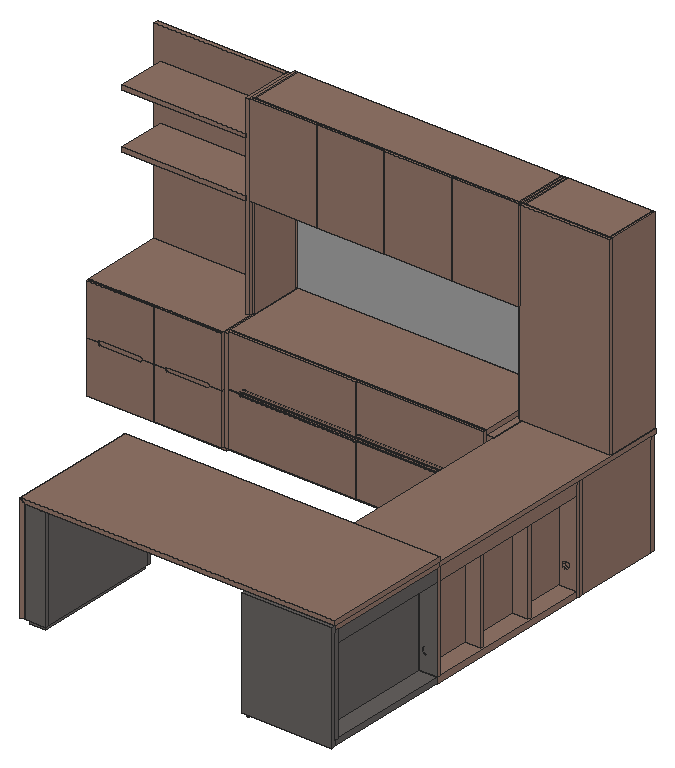
Revit family "T100046", category Furniture, Revit 2022
Family settings
  OmniClass Number = 23.40.20.00
  OmniClass Title = General Furniture and Specialties
  Work Plane-Based = No
  Always vertical = Yes
  Cut with Voids When Loaded = No
  Render Appearance Source = Family Geometry
  Shared = No
  Room Calculation Point = No
Parameters (values of type "T100240")
  URL = "https://ofs.com/"
  Model = "T100240"
  Manufacturer = "OFS"
  Description = "OFS TYPICAL T100240"
  Default Elevation = 0' - 0"
  Copyright © = "©OFS 2021"
  Catalog = "https://ofs.com/2020-experience"
  Authoring Version = "Autodesk Revit Architecture 2015"
  Assembly Code = "E2020400"
Reference planes (in)
  plane 1 "Center Front/Back": y = 0
  plane 2: z = 0
  plane 3 "Center Left/Right": x = 0
Dimensions and locks (in)
  aligned and locked: level to plane 2
Nested families (in)
  nested 1: "OFS SLATE MODULAR PEDESTAL" at (-72.01036, 51.31542, 0), type "Modular Pedestal Top Pull"
    with Top OFS SLATE Dark Wood, Panel OFS SLATE Dark Wood, Mount Panel OFS SLATE Dark Wood, Glides OFS SLATE Black Plastic, Drawers OFS SLATE Dark Wood, Base OFS SLATE Dark Wood
  nested 2: "OFS SLATE MODULAR PEDESTAL" at (-54.01036, 51.31542, 0), type "Modular Pedestal Top Pull"
    with Top OFS SLATE Dark Wood, Panel OFS SLATE Dark Wood, Mount Panel OFS SLATE Dark Wood, Glides OFS SLATE Black Plastic, Drawers OFS SLATE Dark Wood, Base OFS SLATE Dark Wood
  nested 3: "OFS SLATE OPEN SHELF ORGANIZER" at (-36.07286, 50.31542, 0.075), type "Open Shelf Organizer2 Shelves - Left 1.5 High - 36W x 52H"
    with Shelf OFS SLATE Dark Wood, Panel OFS SLATE Dark Wood, Elevation 2' - 5 1/4"
  nested 4: "OFS SLATE MODULAR ACCESS KNEESPACE SUPPORT CORNER CABINES Left" at (64.75803, 25.72984, 0) x (0, -1, 0) z (0, 0, 1), type "MODULAR ACCESS KNEESPACE SUPPORT CORNER CABINET 72W Left"
    with Trash yes, Tech no, Surface OFS SLATE Dark Wood
  nested 5: "OFS SLATE TACKBOARDS" at (-36.122, 51.00816, 0), type "Tackboard 72W x 25D"
    with Elevation 2' - 6 1/2", Board OFS SLATE White Fabric
  nested 6: "OFS SLATE CREDENZAS" at (-36.01036, 52.00292, 0), type "72"W Overlay Lateral File"
    with Top OFS Dark Wood, Panel OFS Dark Wood, Glides OFS Black Plastic, Drawers OFS Dark Wood, Case OFS Dark Wood, Base OFS Dark Wood
  nested 7: "OFS SLATE OVERLAY WORK TABLE HEIGHT ADJUSTABLE" at (60, -56.83374, 0) x (-1, 0, 0) z (0, 0, 1), type "OVERLAY WORK TABLE HEIGHT ADJUSTABLE 84W x 36D Right"
    with Worksurface OFS BRANDS Dark Wood, Panel OFS BRANDS Black Wood, Feet OFS BRANDS White Glide
  nested 8: "OFS_Slate Private Office_Worksurface_Storage_Cabinet" at (60.00803, 51.00816, 0.45), type "51.5H - Single Door Right - 24"W x 15"D"
    with Width 2' - 0", Right yes, Left no, Height 4' - 4", Doors no
  nested 9: "OFS_Slate Private Office_Storage_Modular_Cabinet" at (36.00732, -20.83266, 0) x (0, 1, 0) z (0, 0, 1), type "72W x 24D - L"
    with Width 6' - 0"
  nested 10: "OFS_Slate Private Office_Storage_Modular_Cabinet" at (-72.07286, 51.44042, 0), type "36W x 24D - L"
    with Top Cabinet OFS BRANDS Dark Wood, Width 3' - 0"
  nested 11: "OFS_Slate Private Office_HighBack_Organizer" at (-36.01036, 50.81542, 0.45), type "72"W x 52"H - 1.5 High"
    with Top OFS BRANDS Dark Wood, Show Doors yes, Panel OFS BRANDS Dark Wood, Elevation 2' - 5 1/4", Doors OFS BRANDS Dark Wood, Center Doors no, Base Panel OFS BRANDS Dark Wood, Base OFS BRANDS Dark Wood, Back OFS BRANDS Dark Wood, Width 6' - 0", Length 2 3' - 0", High 1.5, Height 1 2' - 1", Height 4' - 4"
Definition of nested family "OFS SLATE MODULAR PEDESTAL"
  Parameters (values of type "Modular Pedestal Top Pull")
    URL = "http://www.ofs.com/"
    Type = 1
    Top [instance] = none
    Panel [instance] = none
    Mount Panel [instance] = none
    Model = "CA-1824MC-1"
    Manufacturer = "CAROLINA"
    Glides [instance] = none
    Drawers [instance] = none
    Description = "OFS SLATE Modular Pedestal Top Pull"
    Default Elevation = 0' - 0"
    Copyright © = "© 2019 OFS"
    Catalog = "https://ofs.com/products/tables/conference/slate"
    Base [instance] = none
    Authoring Version = "Autodesk Revit Architecture 2014"
    Assembly Code = "E2020200"
    Center Pull = or(Type = 2, Type = 4, Type = 6)  # no
    Top Pull = or(Type = 1, Type = 3, Type = 5)  # yes
  Types (2): name | Type | Model | Description | Center Pull | Top Pull
    Modular Pedestal Center Pull | 2 | "CA-1824MC-2" | "OFS SLATE Modular Pedestal Center Pull" | yes | no
    Modular Pedestal Top Pull | 1 | "CA-1824MC-1" | "OFS SLATE Modular Pedestal Top Pull" | no | yes
  Reference planes (in)
    plane 1 "Center (Front/Back)": y = 0
    plane 2: z = 0
    plane 3 "Center (Left/Right)": x = 0
    plane 4: z = 29.2
    plane 5: z = 28.0125
    plane 6: z = 27.2625
    plane 7: z = 14.45
    plane 8: z = 15.48125
    plane 9: z = 0.45
    plane 10: x = 17.9375
    plane 11: y = -24.83661
  Forms (in)
    Revolve 1, solid, material <- "Glides"
      sketch origin (1.39612, -1.00602, 47.24409) x (0, -1, 0) y (0, 0, 1)
        loop
          line (0.3731, -47.24409) -> (0.3731, -46.79409) -> (0.08442, -46.79409) -> (0.08442, -46.99165)
          arc (0.08442, -46.99165) -> (-0.00059, -47.13636) -> (0.1281, -47.24409) r 0.12988
          line (0.1281, -47.24409) -> (0.3731, -47.24409)
        axis (0.3731, -46.79409) -> (0.3731, -47.24409)
      angle from 0 to 360
    Extrusion 2, solid, material <- "Mount Panel"
      sketch origin (40.3125, 0, 0) x (1, 0, 0) y (0, 0, 1)
        loop
          line (-39.5625, 0.45) -> (-23.0625, 0.45) -> (-23.0625, 4.45) -> (-39.5625, 4.45) -> (-39.5625, 0.45)
      from 0.75 to 0
    Extrusion 3, solid, material <- "Mount Panel"
      sketch origin (40.3125, 0, 0) x (1, 0, 0) y (0, 0, 1)
        loop
          line (-39.5625, 24.0125) -> (-23.0625, 24.0125) -> (-23.0625, 28.0125) -> (-39.5625, 28.0125) -> (-39.5625, 24.0125)
      from 0.75 to 0
    Extrusion 4, void
      sketch origin (0, 0, 0) x (1, 0, 0) y (0, 0, 1)
        loop
          line (14.39288, 15.98125) -> (3.67828, 15.98125)
          arc (3.67828, 15.98125) -> (3.11697, 15.41999) -> (3.67819, 14.85862) r 0.56131
          line (3.67819, 14.85862) -> (14.39278, 14.85678)
          arc (14.39278, 14.85678) -> (14.95511, 15.41897) -> (14.39288, 15.98125) r 0.56224
      from 24.51989 to 28.22893
    Extrusion 5, solid, material <- "Base"
      sketch origin (-71.875, 0, 1.7) x (0, -1, 0) y (-1, 0, 0)
        loop
          line (16, -72.625) -> (16, -89.125) -> (20, -89.125) -> (20, -72.625) -> (16, -72.625)
      from -25.5625 to -26.3125
    Extrusion 6, solid, material <- "Base"
      sketch origin (-71.875, 0, 1.7) x (0, -1, 0) y (-1, 0, 0)
        loop
          line (4, -72.625) -> (4, -89.125) -> (8, -89.125) -> (8, -72.625) -> (4, -72.625)
      from -25.5625 to -26.3125
    Revolve 7, solid, material <- "Glides"
      sketch origin (1.39612, -21.38014, 47.24409) x (0, -1, 0) y (0, 0, 1)
        loop
          line (0.3731, -47.24409) -> (0.3731, -46.79409) -> (0.08442, -46.79409) -> (0.08442, -46.99165)
          arc (0.08442, -46.99165) -> (-0.00059, -47.13636) -> (0.1281, -47.24409) r 0.12988
          line (0.1281, -47.24409) -> (0.3731, -47.24409)
        axis (0.3731, -46.79409) -> (0.3731, -47.24409)
      angle from 0 to 360
    Extrusion 8, solid, material <- "Panel"
      sketch origin (-71.875, 0, 1.7) x (0, -1, 0) y (-1, 0, 0)
        loop
          line (0.75, -72.625) -> (0.75, -89.125) -> (23.0625, -89.125) -> (23.0625, -72.625) -> (0.75, -72.625)
      from 1.25 to -0.75
    Extrusion 9, solid, material <- "Panel"
      sketch origin (50, 0, 0) x (1, 0, 0) y (0, 0, 1)
        loop
          line (-32.75, 28.0125) -> (-32.75, 0.45) -> (-32.0625, 0.45) -> (-32.0625, 28.0125) -> (-32.75, 28.0125)
      from 23.9375 to 0
    Extrusion 10, solid, material <- "Drawers"
      sketch origin (118.00657, -24, -10.53379) x (1, 0, 0) y (0, 0, 1)
        loop
          line (-117.94407, 39.67129) -> (-117.94407, 26.01504) -> (-100.06907, 26.01504) -> (-100.06907, 39.67129) -> (-117.94407, 39.67129)
        loop
          line (-117.94407, 12.23379) -> (-100.06907, 12.23379) -> (-100.06907, 25.89004) -> (-117.94407, 25.89004) -> (-117.94407, 12.23379)
      from -0.0625 to 0.6875
    Extrusion 11, solid, material <- "Panel"
      sketch origin (50, 0, 0) x (1, 0, 0) y (0, 0, 1)
        loop
          line (-50, 28.0125) -> (-50, 0.45) -> (-49.25, 0.45) -> (-49.25, 28.0125) -> (-50, 28.0125)
      from 23.9375 to 0
    Extrusion 12, void
      sketch origin (0, 0, 23.03711) x (0, 0, 1) y (0, 1, 0)
        loop
          line (-22.58711, -23.0625) -> (-22.58711, -24) -> (-21.33711, -24) -> (-21.33711, -23.0625) -> (-22.58711, -23.0625)
      from -21.88085 to 3.15176
    Extrusion 13, solid, material <- "Drawers", visible <- "Top Pull"
      sketch origin (0, 0, 23.03711) x (0, 0, 1) y (0, 1, 0)
        loop
          line (-21.33711, -24.6875) -> (6.10039, -24.6875) -> (6.10039, -24.45475)
          arc (6.10039, -24.45475) -> (6.08587, -24.38174) -> (6.04451, -24.31984) r 0.19079
          line (6.04451, -24.31984) -> (5.66217, -23.9375) -> (-21.33711, -23.9375) -> (-21.33711, -24.6875)
      from -17.9375 to -0.0625
    Revolve 14, solid, material <- "Glides"
      sketch origin (16.60388, -1.00602, 47.24409) x (0, -1, 0) y (0, 0, 1)
        loop
          line (0.3731, -47.24409) -> (0.3731, -46.79409) -> (0.08442, -46.79409) -> (0.08442, -46.99165)
          arc (0.08442, -46.99165) -> (-0.00059, -47.13636) -> (0.1281, -47.24409) r 0.12988
          line (0.1281, -47.24409) -> (0.3731, -47.24409)
        axis (0.3731, -46.79409) -> (0.3731, -47.24409)
      angle from 0 to 360
    Revolve 15, solid, material <- "Glides"
      sketch origin (16.60388, -21.38014, 47.24409) x (0, -1, 0) y (0, 0, 1)
        loop
          line (0.3731, -47.24409) -> (0.3731, -46.79409) -> (0.08442, -46.79409) -> (0.08442, -46.99165)
          arc (0.08442, -46.99165) -> (-0.00059, -47.13636) -> (0.1281, -47.24409) r 0.12988
          line (0.1281, -47.24409) -> (0.3731, -47.24409)
        axis (0.3731, -46.79409) -> (0.3731, -47.24409)
      angle from 0 to 360
  Cuts and joins
    Extrusion 4 cuts Extrusion 10
    Extrusion 12 cuts Extrusion 9
    Extrusion 12 cuts Extrusion 11
    joined: Extrusion 8, Extrusion 9, Extrusion 11
  Lines and regions (in)
    Masking region 1
      outline origin (100, -50, 0) x (1, 0, 0) y (0, 1, 0)
        loop
          line (-82.0625, 50) -> (-100, 50) -> (-100, 25.16339) -> (-82.0625, 25.16339) -> (-82.0625, 50)
  Dimensions and locks (in)
    aligned and locked: level to plane 2
Definition of nested family "OFS SLATE OPEN SHELF ORGANIZER"
  Parameters (values of type "Open Shelf Organizer2 Shelves - Left, 2 High - 36W x 52H")
    Width = 3' - 0"
    URL = "http://www.ofs.com/"
    Shelves = 2
    Shelf [instance] = none
    Right = no
    Panel [instance] = none
    Model = "CA-3652LS31-2"
    Manufacturer = "CAROLINA"
    Length = if(Shelves = 1, 0' 1.188", 1' 4")  # 1' - 4"
    Left = yes
    High = 2
    Height 1 = if(and(Shelves = 1, High = 1, Height = 3' 4"), 1' 7", if(and(Shelves = 1, High = 1.5, Height = 4' 4"), 2' 1", if(and(Shelves = 2, High = 1.5, Height = 4' 4"), 2' 1", 2' 7")))  # 2' - 7"
    Height = 4' - 4"
    Elevation [instance] = 2' - 5 1/4"
    Description = "OFS SLATE Open Shelf Organizer, 2 Shelves, Left 36W x 14.25D x 51.5H, Slate Private Office"
    Default Elevation = 0' - 0"
    Copyright © = "© 2019 OFS"
    Catalog = "https://ofs.com/products/tables/conference/slate"
    Authoring Version = "Autodesk Revit Architecture 2014"
    Assembly Code = "E2020200"
  Types (40): name | Width | Shelves | Right | Model | Length | Left | High | Height 1 | Height | Description
    Open Shelf Organizer2 Shelves - Left, 2 High - 36W x 52H | 3' - 0" | 2 | no | "CA-3652LS31-2" | 1' - 4" | yes | 2 | 2' - 7" | 4' - 4" | "OFS SLATE Open Shelf Organizer, 2 Shelves, Left 36W x 14.25D x 51.5H, Slate Private Office"
    Open Shelf Organizer2 Shelves - Left 2 High - 30W x 52H | 2' - 6" | 2 | no | "CA-3052LS31-2" | 1' - 4" | yes | 2 | 2' - 7" | 4' - 4" | "OFS SLATE Open Shelf Organizer, 2 Shelves, Left 30W x 14.25D x 51.5H, Slate Private Office"
    Open Shelf Organizer2 Shelves - Left 2 High - 24W x 52H | 2' - 0" | 2 | no | "CA-2452LS31-2" | 1' - 4" | yes | 2 | 2' - 7" | 4' - 4" | "OFS SLATE Open Shelf Organizer, 2 Shelves, Left 24W x 14.25D x 51.5H, Slate Private Office"
    Open Shelf Organizer2 Shelves - Left 2 High - 18W x 52H | 1' - 6" | 2 | no | "CA-1852LS31-2" | 1' - 4" | yes | 2 | 2' - 7" | 4' - 4" | "OFS SLATE Open Shelf Organizer, 2 Shelves, Left 18W x 14.25D x 51.5H, Slate Private Office"
    Open Shelf Organizer2 Shelves - Right 2 High - 36W x 52H | 3' - 0" | 2 | yes | "CA-3652RS31-2" | 1' - 4" | no | 2 | 2' - 7" | 4' - 4" | "OFS SLATE Open Shelf Organizer, 2 Shelves, Right 36W x 14.25D x 51.5H, Slate Private Office"
    Open Shelf Organizer2 Shelves - Right 2 High - 30W x 52H | 2' - 6" | 2 | yes | "CA-3052RS31-2" | 1' - 4" | no | 2 | 2' - 7" | 4' - 4" | "OFS SLATE Open Shelf Organizer, 2 Shelves, Right 30W x 14.25D x 51.5H, Slate Private Office"
    Open Shelf Organizer2 Shelves - Right 2 High - 24W x 52H | 2' - 0" | 2 | yes | "CA-2452RS31-2" | 1' - 4" | no | 2 | 2' - 7" | 4' - 4" | "OFS SLATE Open Shelf Organizer, 2 Shelves, Right 24W x 14.25D x 51.5H, Slate Private Office"
    Open Shelf Organizer2 Shelves - Right 2 High - 18W x 52H | 1' - 6" | 2 | yes | "CA-1852RS31-2" | 1' - 4" | no | 2 | 2' - 7" | 4' - 4" | "OFS SLATE Open Shelf Organizer, 2 Shelves, Right 18W x 14.25D x 51.5H, Slate Private Office"
    Open Shelf Organizer2 Shelves - Left 1.5 High - 36W x 52H | 3' - 0" | 2 | no | "CA-3652LS25-2" | 1' - 4" | yes | 1.5 | 2' - 1" | 4' - 4" | "OFS SLATE Open Shelf Organizer, 2 Shelves, Left 36W x 14.25D x 51.5H, Slate Private Office"
    Open Shelf Organizer2 Shelves - Left 1.5 High - 30W x 52H | 2' - 6" | 2 | no | "CA-3052LS25-2" | 1' - 4" | yes | 1.5 | 2' - 1" | 4' - 4" | "OFS SLATE Open Shelf Organizer, 2 Shelves, Left 30W x 14.25D x 51.5H, Slate Private Office"
    Open Shelf Organizer2 Shelves - Left 1.5 High - 24W x 52H | 2' - 0" | 2 | no | "CA-2452LS25-2" | 1' - 4" | yes | 1.5 | 2' - 1" | 4' - 4" | "OFS SLATE Open Shelf Organizer, 2 Shelves, Left 24W x 14.25D x 51.5H, Slate Private Office"
    Open Shelf Organizer2 Shelves - Left 1.5 High - 18W x 52H | 1' - 6" | 2 | no | "CA-1852LS25-2" | 1' - 4" | yes | 1.5 | 2' - 1" | 4' - 4" | "OFS SLATE Open Shelf Organizer, 2 Shelves, Left 18W x 14.25D x 51.5H, Slate Private Office"
    Open Shelf Organizer2 Shelves - Right 1.5 High - 36W x 52H | 3' - 0" | 2 | yes | "CA-3652RS25-2" | 1' - 4" | no | 1.5 | 2' - 1" | 4' - 4" | "OFS SLATE Open Shelf Organizer, 2 Shelves, Right 36W x 14.25D x 51.5H, Slate Private Office"
    Open Shelf Organizer2 Shelves - Right 1.5 High - 30W x 52H | 2' - 6" | 2 | yes | "CA-3052RS25-2" | 1' - 4" | no | 1.5 | 2' - 1" | 4' - 4" | "OFS SLATE Open Shelf Organizer, 2 Shelves, Right 30W x 14.25D x 51.5H, Slate Private Office"
    Open Shelf Organizer2 Shelves - Right 1.5 High - 24W x 52H | 2' - 0" | 2 | yes | "CA-2452RS25-2" | 1' - 4" | no | 1.5 | 2' - 1" | 4' - 4" | "OFS SLATE Open Shelf Organizer, 2 Shelves, Right 24W x 14.25D x 51.5H, Slate Private Office"
    Open Shelf Organizer2 Shelves - Right 1.5 High - 18W x 52H | 1' - 6" | 2 | yes | "CA-1852RS25-2" | 1' - 4" | no | 1.5 | 2' - 1" | 4' - 4" | "OFS SLATE Open Shelf Organizer, 2 Shelves, Right 18W x 14.25D x 51.5H, Slate Private Office"
    Open Shelf Organizer1 Shelf - Left 2 High - 36W x 52H | 3' - 0" | 1 | no | "CA-3652LS31-1" | 0' - 1.188" | yes | 2 | 2' - 7" | 4' - 4" | "OFS SLATE Open Shelf Organizer, 1 Shelf, Left 36W x 14.25D x 51.5H, Slate Private Office"
    Open Shelf Organizer1 Shelf - Left 2 High - 30W x 52H | 2' - 6" | 1 | no | "CA-3052LS31-1" | 0' - 1.188" | yes | 2 | 2' - 7" | 4' - 4" | "OFS SLATE Open Shelf Organizer, 1 Shelf, Left 30W x 14.25D x 51.5H, Slate Private Office"
    Open Shelf Organizer1 Shelf - Left 2 High - 24W x 52H | 2' - 0" | 1 | no | "CA-2452LS31-1" | 0' - 1.188" | yes | 2 | 2' - 7" | 4' - 4" | "OFS SLATE Open Shelf Organizer, 1 Shelf, Left 24W x 14.25D x 51.5H, Slate Private Office"
    Open Shelf Organizer1 Shelf - Left 2 High - 18W x 52H | 1' - 6" | 1 | no | "CA-1852LS31-1" | 0' - 1.188" | yes | 2 | 2' - 7" | 4' - 4" | "OFS SLATE Open Shelf Organizer, 1 Shelf, Left 18W x 14.25D x 51.5H, Slate Private Office"
    Open Shelf Organizer1 Shelf - Right 2 High - 36W x 52H | 3' - 0" | 1 | yes | "CA-3652RS31-1" | 0' - 1.188" | no | 2 | 2' - 7" | 4' - 4" | "OFS SLATE Open Shelf Organizer, 1 Shelf, Right 36W x 14.25D x 51.5H, Slate Private Office"
    Open Shelf Organizer1 Shelf - Right 2 High - 30W x 52H | 2' - 6" | 1 | yes | "CA-3052RS31-1" | 0' - 1.188" | no | 2 | 2' - 7" | 4' - 4" | "OFS SLATE Open Shelf Organizer, 1 Shelf, Right 30W x 14.25D x 51.5H, Slate Private Office"
    Open Shelf Organizer1 Shelf - Right 2 High - 24W x 52H | 2' - 0" | 1 | yes | "CA-2452RS31-1" | 0' - 1.188" | no | 2 | 2' - 7" | 4' - 4" | "OFS SLATE Open Shelf Organizer, 1 Shelf, Right 24W x 14.25D x 51.5H, Slate Private Office"
    Open Shelf Organizer1 Shelf - Right 2 High - 18W x 52H | 1' - 6" | 1 | yes | "CA-1852RS31-1" | 0' - 1.188" | no | 2 | 2' - 7" | 4' - 4" | "OFS SLATE Open Shelf Organizer, 1 Shelf, Right 18W x 14.25D x 51.5H, Slate Private Office"
    Open Shelf Organizer1 Shelf - Left 1.5 High - 36W x 52H | 3' - 0" | 1 | no | "CA-3652LS25-1" | 0' - 1.188" | yes | 1.5 | 2' - 1" | 4' - 4" | "OFS SLATE Open Shelf Organizer, 1 Shelf, Left 36W x 14.25D x 51.5H, Slate Private Office"
    Open Shelf Organizer1 Shelf - Left 1.5 High - 30W x 52H | 2' - 6" | 1 | no | "CA-3052LS25-1" | 0' - 1.188" | yes | 1.5 | 2' - 1" | 4' - 4" | "OFS SLATE Open Shelf Organizer, 1 Shelf, Left 30W x 14.25D x 51.5H, Slate Private Office"
    Open Shelf Organizer1 Shelf - Left 1.5 High - 24W x 52H | 2' - 0" | 1 | no | "CA-2452LS25-1" | 0' - 1.188" | yes | 1.5 | 2' - 1" | 4' - 4" | "OFS SLATE Open Shelf Organizer, 1 Shelf, Left 24W x 14.25D x 51.5H, Slate Private Office"
    Open Shelf Organizer1 Shelf - Left 1.5 High - 18W x 52H | 1' - 6" | 1 | no | "CA-1852LS25-1" | 0' - 1.188" | yes | 1.5 | 2' - 1" | 4' - 4" | "OFS SLATE Open Shelf Organizer, 1 Shelf, Left 18W x 14.25D x 51.5H, Slate Private Office"
    Open Shelf Organizer1 Shelf - Right 1.5 High - 36W x 52H | 3' - 0" | 1 | yes | "CA-3652RS25-1" | 0' - 1.188" | no | 1.5 | 2' - 1" | 4' - 4" | "OFS SLATE Open Shelf Organizer, 1 Shelf, Right 36W x 14.25D x 51.5H, Slate Private Office"
    Open Shelf Organizer1 Shelf - Right, 1.5 High - 30W x 52H | 2' - 6" | 1 | yes | "CA-3052RS25-1" | 0' - 1.188" | no | 1.5 | 2' - 1" | 4' - 4" | "OFS SLATE Open Shelf Organizer, 1 Shelf, Right 30W x 14.25D x 51.5H, Slate Private Office"
    Open Shelf Organizer1 Shelf - Right 1.5 High - 24W x 52H | 2' - 0" | 1 | yes | "CA-2452RS25-1" | 0' - 1.188" | no | 1.5 | 2' - 1" | 4' - 4" | "OFS SLATE Open Shelf Organizer, 1 Shelf, Right 24W x 14.25D x 51.5H, Slate Private Office"
    Open Shelf Organizer1 Shelf - Right 1.5 High - 18W x 52H | 1' - 6" | 1 | yes | "CA-1852RS25-1" | 0' - 1.188" | no | 1.5 | 2' - 1" | 4' - 4" | "OFS SLATE Open Shelf Organizer, 1 Shelf, Right 18W x 14.25D x 51.5H, Slate Private Office"
    Open Shelf Organizer1 Shelf - Left 1 High - 36W x 40H | 3' - 0" | 1 | no | "CA-3640LS19-1" | 0' - 1.188" | yes | 1 | 1' - 7" | 3' - 4" | "OFS SLATE Open Shelf Organizer, 1 Shelf, Left 36W x 14.25D x 39.5H, Slate Private Office"
    Open Shelf Organizer1 Shelf - Left 1 High - 30W x 40H | 2' - 6" | 1 | no | "CA-3040LS19-1" | 0' - 1.188" | yes | 1 | 1' - 7" | 3' - 4" | "OFS SLATE Open Shelf Organizer, 1 Shelf, Left 30W x 14.25D x 39.5H, Slate Private Office"
    Open Shelf Organizer1 Shelf - Left 1 High - 24W x 40H | 2' - 0" | 1 | no | "CA-2440LS19-1" | 0' - 1.188" | yes | 1 | 1' - 7" | 3' - 4" | "OFS SLATE Open Shelf Organizer, 1 Shelf, Left 24W x 14.25D x 39.5H, Slate Private Office"
    Open Shelf Organizer1 Shelf - Left 1 High - 18W x 40H | 1' - 6" | 1 | no | "CA-1840LS19-1" | 0' - 1.188" | yes | 1 | 1' - 7" | 3' - 4" | "OFS SLATE Open Shelf Organizer, 1 Shelf, Left 18W x 14.25D x 39.5H, Slate Private Office"
    Open Shelf Organizer1 Shelf - Right 1 High - 36W x 40H | 3' - 0" | 1 | yes | "CA-3640RS19-1" | 0' - 1.188" | no | 1 | 1' - 7" | 3' - 4" | "OFS SLATE Open Shelf Organizer, 1 Shelf, Right 36W x 14.25D x 39.5H, Slate Private Office"
    Open Shelf Organizer1 Shelf - Right 1 High - 30W x 40H | 2' - 6" | 1 | yes | "CA-3040RS19-1" | 0' - 1.188" | no | 1 | 1' - 7" | 3' - 4" | "OFS SLATE Open Shelf Organizer, 1 Shelf, Right 30W x 14.25D x 39.5H, Slate Private Office"
    Open Shelf Organizer1 Shelf - Right 1 High - 24W x 40H | 2' - 0" | 1 | yes | "CA-2440RS19-1" | 0' - 1.188" | no | 1 | 1' - 7" | 3' - 4" | "OFS SLATE Open Shelf Organizer, 1 Shelf, Right 24W x 14.25D x 39.5H, Slate Private Office"
    Open Shelf Organizer1 Shelf - Right 1 High - 18W x 40H | 1' - 6" | 1 | yes | "CA-1840RS19-1" | 0' - 1.188" | no | 1 | 1' - 7" | 3' - 4" | "OFS SLATE Open Shelf Organizer, 1 Shelf, Right 18W x 14.25D x 39.5H, Slate Private Office"
  Reference planes (in)
    plane 1 "Center (Front/Back)": y = 0
    plane 2: z = 0
    plane 3 "Center (Left/Right)": x = 0
    plane 4: x = 36
    plane 5: y = -14.25
    plane 6: x = 18
    plane 7: z = 29.25
    plane 8: z = 50.25
    plane 9: z = 80.75
    plane 10: y = -2.5
    plane 11: x = 1.1875
    plane 12: x = 34
    plane 13: z = 81.25
    plane 14: x = -36
    plane 15: x = -18
    plane 16: x = -1.1875
    plane 17: x = -34
    plane 18: z = 66.25
  Forms (in)
    Extrusion 1, solid, material <- "Panel", visible <- "Right"
      sketch origin (-60.37292, -60, 29.25) x (-1, 0, 0) y (0, -1, 0)
        loop
          line (-60.37292, -60) -> (-60.37292, -45.75) -> (-61.56042, -45.75) -> (-61.56042, -60) -> (-60.37292, -60)
      from 0 to 51.5
    Extrusion 2, solid, material <- "Panel", visible <- "Right"
      sketch origin (-60.37292, -60, 29.25) x (-1, 0, 0) y (0, -1, 0)
        loop
          line (-61.56042, -60) -> (-61.56042, -58.8125) -> (-96.37292, -58.8125) -> (-96.37292, -60) -> (-61.56042, -60)
      from 0 to 51.5
    Extrusion 3, solid, material <- "Shelf", visible <- "Right"
      sketch origin (-60.37292, -60, 50.25) x (-1, 0, 0) y (0, -1, 0)
        loop
          line (-61.56042, -58.8125) -> (-61.56042, -45.75) -> (-94.37292, -45.75) -> (-94.37292, -58.8125) -> (-61.56042, -58.8125)
      from 0 to 1.1875
    Extrusion 4, solid, material <- "Panel", visible <- "Left"
      sketch origin (-60.37292, -60, 29.25) x (-1, 0, 0) y (0, -1, 0)
        loop
          line (-59.18542, -60) -> (-24.37292, -60) -> (-24.37292, -58.8125) -> (-59.18542, -58.8125) -> (-59.18542, -60)
      from 0 to 51.5
    Extrusion 5, solid, material <- "Shelf", visible <- "Left"
      sketch origin (-60.37292, -60, 50.25) x (-1, 0, 0) y (0, -1, 0)
        loop
          line (-59.18542, -58.8125) -> (-26.37292, -58.8125) -> (-26.37292, -45.75) -> (-59.18542, -45.75) -> (-59.18542, -58.8125)
      from 0 to 1.1875
    Extrusion 6, solid, material <- "Panel", visible <- "Left"
      sketch origin (-60.37292, -60, 29.25) x (-1, 0, 0) y (0, -1, 0)
        loop
          line (-60.37292, -60) -> (-59.18542, -60) -> (-59.18542, -45.75) -> (-60.37292, -45.75) -> (-60.37292, -60)
      from 0 to 51.5
    Extrusion 7, solid, material <- "Shelf", visible <- "Right"
      sketch origin (-60.37292, -60, 66.25) x (-1, 0, 0) y (0, -1, 0)
        loop
          line (-61.56042, -58.8125) -> (-61.56042, -45.75) -> (-94.37292, -45.75) -> (-94.37292, -58.8125) -> (-61.56042, -58.8125)
      from 0 to -1.1875
    Extrusion 8, solid, material <- "Shelf", visible <- "Left"
      sketch origin (-60.37292, -60, 66.25) x (-1, 0, 0) y (0, -1, 0)
        loop
          line (-26.37292, -58.8125) -> (-26.37292, -45.75) -> (-59.18542, -45.75) -> (-59.18542, -58.8125) -> (-26.37292, -58.8125)
      from 0 to -1.1875
  Cuts and joins
    joined: Extrusion 3, Extrusion 7
    joined: Extrusion 5, Extrusion 8
  Lines and regions (in)
    Masking region 1, visible <- "Right"
      outline origin (72.40739, -60, 80.75) x (0, -1, 0) y (1, 0, 0)
        loop
          line (-60, -72.40739) -> (-45.75, -72.40739) -> (-45.75, -36.40739) -> (-60, -36.40739) -> (-60, -72.40739)
    Masking region 2, visible <- "Left"
      outline origin (72.40739, -60, 80.75) x (0, -1, 0) y (1, 0, 0)
        loop
          line (-60, -108.40739) -> (-45.75, -108.40739) -> (-45.75, -72.40739) -> (-60, -72.40739) -> (-60, -108.40739)
    reference lines, visible <- "Left"
      curve 1: line (-36, 0, 0) -> (0, 0, 0)
      curve 2: line (-36, -14.25, 0) -> (-36, 0, 0)
      curve 3: line (0, -14.25, 0) -> (-36, -14.25, 0)
      curve 4: line (0, 0, 0) -> (0, -14.25, 0)
    reference lines, visible <- "Right"
      curve 5: line (0, 0, 0) -> (36, 0, 0)
      curve 6: line (0, -14.25, 0) -> (0, 0, 0)
      curve 7: line (36, -14.25, 0) -> (0, -14.25, 0)
      curve 8: line (36, 0, 0) -> (36, -14.25, 0)
  Dimensions and locks (in)
    "Width": plane 3 "Center (Left/Right)" to plane 4
    equal spacing: plane 3 "Center (Left/Right)", plane 6, plane 4
    "Elevation": plane 7 to level
    locked: plane 13 to plane 9 at 0.5
    "Height": plane 13 to plane 7
    "Height 1": plane 13 to plane 8
    equal spacing: plane 14, plane 15, plane 3 "Center (Left/Right)"
    "Width": plane 14 to plane 3 "Center (Left/Right)"
    plane 16 to plane 3 "Center (Left/Right)" to plane 11 = 0' - 1 3/16" locked, 0' - 1 3/16" locked
    locked: plane 12 to plane 4 at 2
    locked: plane 14 to plane 17 at 2
    "Length": plane 18 to plane 8
    aligned and locked: level to plane 2
    aligned and locked: plane 6 to nested 1
    aligned and locked: nested 1 to plane 5
    aligned and locked: plane 1 "Center (Front/Back)" to Extrusion 1 sketch curve
    aligned and locked: plane 3 "Center (Left/Right)" to Extrusion 1 sketch curve
    aligned and locked: plane 5 to Extrusion 1 sketch curve
    aligned and locked: Extrusion 1 sketch curve to plane 11
    aligned and locked: Extrusion 1 to plane 9
    aligned and locked: Extrusion 2 sketch curve to Extrusion 1
    aligned and locked: Extrusion 1 to Extrusion 2 sketch curve
    aligned and locked: Extrusion 2 sketch curve to plane 4
    aligned and locked: Extrusion 2 to plane 9
    aligned and locked: Extrusion 3 sketch curve to Extrusion 2  (x2)
    aligned and locked: Extrusion 3 sketch curve to plane 5
    aligned and locked: plane 12 to Extrusion 3 sketch curve
    aligned and locked: Extrusion 5 sketch curve to Extrusion 4
    aligned and locked: Extrusion 5 sketch curve to plane 17
    aligned and locked: Extrusion 5 sketch curve to plane 16
    aligned and locked: Extrusion 5 sketch curve to plane 5
    aligned and locked: plane 14 to Extrusion 4 sketch curve
    aligned and locked: Extrusion 4 sketch curve to plane 16
    aligned and locked: Extrusion 4 sketch curve to plane 1 "Center (Front/Back)"
    aligned and locked: Extrusion 4 to plane 9
    aligned and locked: Extrusion 6 sketch curve to plane 1 "Center (Front/Back)"
    aligned and locked: plane 16 to Extrusion 6 sketch curve
    aligned and locked: plane 3 "Center (Left/Right)" to Extrusion 6 sketch curve
    aligned and locked: Extrusion 6 sketch curve to plane 5
    aligned and locked: Extrusion 6 to plane 9
    aligned and locked: Masking region 1 sketch curve to Extrusion 1  (x2)
    aligned and locked: Masking region 1 sketch curve to plane 5
    aligned and locked: plane 4 to Masking region 1 sketch curve
    aligned and locked: nested 2 to plane 15
    aligned and locked: nested 2 to Extrusion 5
    aligned and locked: Masking region 2 sketch curve to Extrusion 4  (x2)
    aligned and locked: Masking region 2 sketch curve to Masking region 1
    aligned and locked: Masking region 2 sketch curve to Extrusion 1
    aligned and locked: Extrusion 7 sketch curve to Extrusion 2
    aligned and locked: Extrusion 7 sketch curve to Extrusion 3  (x3)
    aligned and locked: Extrusion 8 sketch curve to Extrusion 5  (x3)
    aligned and locked: Extrusion 6 to Extrusion 8 sketch curve
    aligned and locked: curve 1 to Masking region 2
    aligned and locked: curve 2 to Masking region 2
    aligned and locked: curve 3 to Masking region 2
    aligned and locked: curve 4 to Extrusion 1
    aligned and locked: curve 1 to curve 5
    aligned and locked: curve 6 to curve 4
    aligned and locked: curve 7 to Masking region 1
    aligned and locked: curve 8 to Masking region 1
  Automatic sketch dimensions
    plane 1 "Center (Front/Back)" to Extrusion 2 sketch curve = 0' - 1 3/16"
    plane 1 "Center (Front/Back)" to Extrusion 4 sketch curve = 0' - 1 3/16"
    curve 3 to plane 14 = 0' - 0"
    curve 5 to plane 3 "Center (Left/Right)" = 0' - 0"
    curve 5 to plane 4 = 0' - 0"
    curve 8 to plane 5 = 0' - 0"
    plane 1 "Center (Front/Back)" to curve 2 = 0' - 0"
  Nested families (in)
    nested 1: "Tag" at (18, -14.25, 0), visible <- "Right", type "Center", detail levels fine
      with Offset (LR) 0' - 0", Distance of Center (not Change) 0' - 0.11"
    nested 2: "Tag" at (-18, -14.25, 0) x (-1, 0, 0) z (0, 0, 1), visible <- "Left", type "Center", detail levels fine
      with Offset (LR) 0' - 0", Distance of Center (not Change) 0' - 0.11"
  Definition of nested family "Tag"
    Parameters
      P_Width = 0' - 0"
      Text_Width = "Empty"
      Text_Height = "Empty"
      Text_Diameter = "Empty"
      Text_Depth = "Empty"
      Offset (LR) [instance] = 0' - 0"
      Model Name = "Type Catalog"
      P_Height = 0' - 0"
      Distance of Center (not Change) = 0' - 0.1"
      P_Diameter = 0' - 0"
      P_Depth = 0' - 0"
    Reference planes (in)
      plane 1: y = 0
      plane 2: x = 0
    Lines and regions (in)
      reference lines
        curve 1: line (-0.44359, 0.1, 0) -> (0.41085, 0.1, 0)
        curve 3: line (0, 0.42564, 0) -> (0, -0.30221, 0)
      reference lines, not visible
        curve 2: line (-0.44359, 0.09843, 0) -> (0.41085, 0.09843, 0)
        curve 4: line (0, 0.42407, 0) -> (0, -0.30379, 0)
    Text (in)
      label "Empty" at (0.00197, 0.0921, 0), shows "Model Name"
      label "Empty" at (0.00197, 0.09052, 0), shows "Model Name", not visible
    Dimensions and locks (in)
      "Distance of Center (not Change)": plane 1 to curve 1
      "Offset (LR)": curve 3 to plane 2
    Automatic sketch dimensions
      curve 1 to curve 3 = 0' - 0.44359"
      curve 3 to curve 1 = 0' - 0.41085"
      curve 3 to curve 1 = 0' - 0.40221"
      curve 1 to curve 3 = 0' - 0.32564"
      curve 2 to curve 4 = 0' - 0.44359"
      curve 4 to curve 2 = 0' - 0.41085"
      curve 4 to curve 2 = 0' - 0.40221"
      curve 2 to curve 4 = 0' - 0.32564"
Definition of nested family "OFS SLATE MODULAR ACCESS KNEESPACE SUPPORT CORNER CABINES Left"
  Parameters (values of type "MODULAR ACCESS KNEESPACE SUPPORT CORNER CABINET 72W Left")
    Width = 6' - 0"
    URL = "http://www.ofs.com/"
    Trash [instance] = yes
    Tech [instance] = no
    Surface [instance] = none
    Perpendicular Board Thickness = 2' - 0 11/16"
    Model = "CA-7224MCCL"
    Metal Hook = none
    Manufacturer = "CAROLINA"
    Height = 2' - 4"
    Glides Material = none
    Gap = 0' - 0 1/16"  # constant formula
    Description = "OFS SLATE MODULAR ACCESS KNEESPACE SUPPORT CORNER CABINET Left, 72\" Width, Specify Modular Cabinet Top Separately"
    Furn Width = 0' - 5 3/4"
    Depth = 2' - 0.00072"
    Default Elevation = 0' - 0"
    Copyright © = "© 2019 OFS"
    Catalog = "https://ofs.com/products/tables/conference/slate"
    Board Thickness = 0' - 0 3/4"
    Authoring Version = "Autodesk Revit Architecture 2014"
    Assembly Code = "E2020200"
  Types (2): name | Width | Model | Description
    MODULAR ACCESS KNEESPACE SUPPORT CORNER CABINET 66W Left | 5' - 6" | "CA-6624MCCL" | "OFS SLATE MODULAR ACCESS KNEESPACE SUPPORT CORNER CABINET Left, 66\" Width, Specify Modular Cabinet Top Separately"
    MODULAR ACCESS KNEESPACE SUPPORT CORNER CABINET 72W Left | 6' - 0" | "CA-7224MCCL" | "OFS SLATE MODULAR ACCESS KNEESPACE SUPPORT CORNER CABINET Left, 72\" Width, Specify Modular Cabinet Top Separately"
  Reference planes (in)
    plane 1 "Back": y = -4.75
    plane 2: z = 0
    plane 3 "Left": x = 0
    plane 4 "Right": x = 47.3125
    plane 5 ".": y = -10.5
    plane 6: z = 28
    plane 7: y = -9.75
    plane 8: y = -5.5
    plane 9: x = 0.75
    plane 10: x = 46.5625
    plane 11: z = 1.95
    plane 12: z = 1.7
    plane 13: z = 27.25
    plane 14: z = 24.75
    plane 15: z = 0.45
    plane 16: y = -6.25
    plane 17: y = -28.75072
    plane 18: x = 31.54167
    plane 19: x = 31.91667
    plane 20: x = 31.16667
    plane 21: x = 31.57292
    plane 22: x = 31.51042
    plane 23: x = -24.6875
    plane 24: x = 15.77083
    plane 25: x = 16.14583
    plane 26: x = 15.39583
    plane 27: x = 15.80208
    plane 28: x = 15.73958
    plane 29: x = -23.9375
    plane 30: x = -0.75
    plane 31: y = -28.00072
  Forms (in)
    Extrusion 1, solid, material <- "Surface"
      sketch origin (0, 0, 0) x (1, 0, 0) y (0, 1, 0)
        loop
          line (0.75, -4.75) -> (0.75, -5.5) -> (46.5625, -5.5) -> (46.5625, -4.75) -> (0.75, -4.75)
      from 24.75 to 28
    Extrusion 2, solid, material <- "Surface"
      sketch origin (25.71098, 1.39561, 0) x (1, 0, 0) y (0, 1, 0)
        loop
          line (20.85152, -6.14561) -> (20.85152, -11.14561) -> (21.60152, -11.14561) -> (21.60152, -6.14561) -> (20.85152, -6.14561)
      from 1.95 to 28
    Extrusion 3, solid, material <- "Surface"
      sketch origin (12.23779, 3.14561, 0) x (1, 0, 0) y (0, 1, 0)
        loop
          line (-12.23779, -7.89561) -> (-12.23779, -12.89561) -> (-11.48779, -12.89561) -> (-11.48779, -7.89561) -> (-12.23779, -7.89561)
      from 0.45 to 28
    Extrusion 4, solid, material <- "Surface"
      sketch origin (0, 0, 0) x (1, 0, 0) y (0, 1, 0)
        loop
          line (0.75, -4.75) -> (0.75, -9.75) -> (47.3125, -9.75) -> (47.3125, -4.75) -> (0.75, -4.75)
      from 0.45 to 1.95
    Revolve 5, solid, material <- "Glides Material"
      sketch origin (21.875, -7.625, 0) x (-1, 0, 0) y (0, 0, 1)
        loop
          line (20.43426, 0.45) -> (20.43426, 0) -> (20.67926, 0)
          arc (20.67926, 0) -> (20.80736, 0.10784) -> (20.72294, 0.25244) r 0.13
          line (20.72294, 0.25244) -> (20.72294, 0.45) -> (20.43426, 0.45)
        axis (20.43426, 0) -> (20.43426, 0.45)
      angle from 0 to 360
    Revolve 6, solid, material <- "Glides Material"
      sketch origin (14.125, -7.625, 0) x (1, 0, 0) y (0, 0, 1)
        loop
          line (31.74676, 0.45) -> (31.74676, 0) -> (31.99176, 0)
          arc (31.99176, 0) -> (32.11986, 0.10784) -> (32.03544, 0.25244) r 0.13
          line (32.03544, 0.25244) -> (32.03544, 0.45) -> (31.74676, 0.45)
        axis (31.74676, 0) -> (31.74676, 0.45)
      angle from 0 to 360
    Extrusion 7, void
      sketch origin (36, 0, 0) x (0, 1, 0) y (0, 0, 1)
        loop
          circle (-7.625, 7.24988) r 1
      from -36 to 11.3125
    Extrusion 8, solid, material <- "Surface"
      sketch origin (33.58154, 3.14561, 0) x (1, 0, 0) y (0, 1, 0)
        loop
          line (-2.41487, -8.64561) -> (-2.41487, -12.89561) -> (-1.66487, -12.89561) -> (-1.66487, -8.64561) -> (-2.41487, -8.64561)
      from 1.95 to 28
    Extrusion 9, solid, material <- "Surface"
      sketch origin (5.40865, -3.94454, 0) x (1, 0, 0) y (0, 1, 0)
        loop
          line (-5.40865, -5.80546) -> (-5.40865, -6.55546) -> (10.33094, -6.55546) -> (10.33094, -5.80546) -> (-5.40865, -5.80546)
        loop
          line (26.10177, -6.55546) -> (26.10177, -5.80546) -> (10.39344, -5.80546) -> (10.39344, -6.55546) -> (26.10177, -6.55546)
        loop
          line (26.16427, -5.80546) -> (26.16427, -6.55546) -> (41.90385, -6.55546) -> (41.90385, -5.80546) -> (26.16427, -5.80546)
      from 1.7 to 27.25
    Extrusion 10, solid, material <- "Surface"
      sketch origin (18.33154, 3.14561, 0) x (1, 0, 0) y (0, 1, 0)
        loop
          line (-2.9357, -8.64561) -> (-2.9357, -12.89561) -> (-2.1857, -12.89561) -> (-2.1857, -8.64561) -> (-2.9357, -8.64561)
      from 1.95 to 28
    Extrusion 11, solid, material <- "Surface"
      sketch origin (-13.75, -17.25, 0) x (1, 0, 0) y (0, 1, 0)
        loop
          line (-10.1875, 12.5) -> (-10.1875, 11.75) -> (13, 11.75) -> (13, 12.5) -> (-10.1875, 12.5)
      from 0.45 to 28
    Extrusion 12, solid, material <- "Surface"
      sketch origin (1.63118, -7.46099, 0) x (1, 0, 0) y (0, 1, 0)
        loop
          line (-26.31868, 2.71099) -> (-26.31868, -20.53973) -> (-25.56868, -20.53973) -> (-25.56868, 2.71099) -> (-26.31868, 2.71099)
      from 0.45 to 28
    Extrusion 13, solid, material <- "Surface"
      sketch origin (-16.93198, -20.43198, 0) x (1, 0, 0) y (0, 1, 0)
        loop
          line (-7.75552, -7.56874) -> (-7.75552, -8.31874) -> (16.18198, -8.31874) -> (16.18198, -7.56874) -> (-7.75552, -7.56874)
      from 0.45 to 28
    Extrusion 14, solid, material <- "Surface"
      sketch origin (-13.75, -22.25, 0) x (1, 0, 0) y (0, 1, 0)
        loop
          line (-10.1875, 12.5) -> (-10.1875, 11.75) -> (13.75, 11.75) -> (13.75, 12.5) -> (-10.1875, 12.5)
      from 1.95 to 28
    Extrusion 15, solid, material <- "Surface"
      sketch origin (11.48779, 3.14561, 0) x (1, 0, 0) y (0, 1, 0)
        loop
          line (-12.23779, -7.89561) -> (-12.23779, -12.89561) -> (-11.48779, -12.89561) -> (-11.48779, -7.89561) -> (-12.23779, -7.89561)
      from 0.45 to 28
    Extrusion 16, solid, material <- "Surface", visible <- "Tech"
      sketch origin (21.47344, -8.36906, 0) x (1, 0, 0) y (0, 1, 0)
        loop
          line (-42.16094, -2.13094) -> (-42.16094, -19.63166) -> (-38.16094, -19.63166) -> (-38.16094, -2.13094) -> (-42.16094, -2.13094)
      from 27.25 to 28
    Extrusion 17, solid, material <- "Surface", visible <- "Tech"
      sketch origin (33.41094, -8.36906, 0) x (1, 0, 0) y (0, 1, 0)
        loop
          line (-42.16094, -2.13094) -> (-42.16094, -19.63166) -> (-38.16094, -19.63166) -> (-38.16094, -2.13094) -> (-42.16094, -2.13094)
      from 27.25 to 28
    Extrusion 18, solid, material <- "Surface", visible <- "Trash"
      sketch origin (21.47344, -8.36906, -10.75) x (1, 0, 0) y (0, 1, 0)
        loop
          line (-45.41094, -2.13094) -> (-45.41094, -19.63166) -> (-22.22344, -19.63166) -> (-22.22344, -2.13094) -> (-45.41094, -2.13094)
        loop
          circle (-27.34844, -10.8813) r 4.125
      from 27.25 to 28
    Extrusion 19, solid, material <- "Surface"
      sketch origin (-0.39889, -7.18732, 0) x (1, 0, 0) y (0, 1, 0)
        loop
          line (-23.53861, 1.68732) -> (-23.53861, -20.8134) -> (-0.35111, -20.8134) -> (-0.35111, 1.68732) -> (-23.53861, 1.68732)
      from 0.45 to 1.95
    Extrusion 20, solid, material <- "Surface", visible <- "Trash"
      sketch origin (0, -7.625, 0) x (-1, 0, 0) y (0, 0, 1)
        loop
          arc (0.385, 17.06428) -> (0.30389, 17.11847) -> (0.20822, 17.1375) r 0.25
          line (0.20822, 17.1375) -> (0.1079, 17.1375)
          arc (0.1079, 17.1375) -> (0.0316, 17.1059) -> (0, 17.0296) r 0.1079
          line (0, 17.0296) -> (0, 1.95) -> (0.75, 1.95) -> (0.75, 16.69928) -> (0.385, 17.06428)
      from -21.12572 to -2.875
    Extrusion 21, solid, material <- "Surface", visible <- "Tech"
      sketch origin (0, -7.625, 0) x (-1, 0, 0) y (0, 0, 1)
        loop
          arc (0.385, 27.92678) -> (0.30389, 27.98097) -> (0.20822, 28) r 0.25
          line (0.20822, 28) -> (0.1079, 28)
          arc (0.1079, 28) -> (0.0316, 27.9684) -> (0, 27.8921) r 0.1079
          line (0, 27.8921) -> (0, 1.95) -> (0.75, 1.95) -> (0.75, 27.56178) -> (0.385, 27.92678)
      from -21.12572 to -2.875
    Extrusion 22, void
      sketch origin (-0.75, -7.625, 0) x (-1, 0, 0) y (0, 0, 1)
        loop
          line (0.875, 1.95) -> (-0.75, 1.95) -> (-0.75, 0.45) -> (0.875, 0.45) -> (0.875, 1.95)
      from -33.53152 to -2.125
    Revolve 23, solid, material <- "Glides Material"
      sketch origin (34.2051, -7.625, 0) x (-1, 0, 0) y (0, 0, 1)
        loop
          line (18.43426, 0.45) -> (18.43426, 0) -> (18.67926, 0)
          arc (18.67926, 0) -> (18.80736, 0.10784) -> (18.72294, 0.25244) r 0.13
          line (18.72294, 0.25244) -> (18.72294, 0.45) -> (18.43426, 0.45)
        axis (18.43426, 0) -> (18.43426, 0.45)
      angle from 0 to 360
    Revolve 24, solid, material <- "Glides Material"
      sketch origin (47.97593, -7.625, 0) x (-1, 0, 0) y (0, 0, 1)
        loop
          line (16.43426, 0.45) -> (16.43426, 0) -> (16.67926, 0)
          arc (16.67926, 0) -> (16.80736, 0.10784) -> (16.72294, 0.25244) r 0.13
          line (16.72294, 0.25244) -> (16.72294, 0.45) -> (16.43426, 0.45)
        axis (16.43426, 0) -> (16.43426, 0.45)
      angle from 0 to 360
    Revolve 25, solid, material <- "Glides Material"
      sketch origin (17.97593, -7.625, 0) x (-1, 0, 0) y (0, 0, 1)
        loop
          line (20.43426, 0.45) -> (20.43426, 0) -> (20.67926, 0)
          arc (20.67926, 0) -> (20.80736, 0.10784) -> (20.72294, 0.25244) r 0.13
          line (20.72294, 0.25244) -> (20.72294, 0.45) -> (20.43426, 0.45)
        axis (20.43426, 0) -> (20.43426, 0.45)
      angle from 0 to 360
    Revolve 26, solid, material <- "Glides Material"
      sketch origin (17.97593, -27.125, 0) x (-1, 0, 0) y (0, 0, 1)
        loop
          line (20.43426, 0.45) -> (20.43426, 0) -> (20.67926, 0)
          arc (20.67926, 0) -> (20.80736, 0.10784) -> (20.72294, 0.25244) r 0.13
          line (20.72294, 0.25244) -> (20.72294, 0.45) -> (20.43426, 0.45)
        axis (20.43426, 0) -> (20.43426, 0.45)
      angle from 0 to 360
    Revolve 27, solid, material <- "Glides Material"
      sketch origin (-2.77407, -7.625, 0) x (-1, 0, 0) y (0, 0, 1)
        loop
          line (20.43426, 0.45) -> (20.43426, 0) -> (20.67926, 0)
          arc (20.67926, 0) -> (20.80736, 0.10784) -> (20.72294, 0.25244) r 0.13
          line (20.72294, 0.25244) -> (20.72294, 0.45) -> (20.43426, 0.45)
        axis (20.43426, 0) -> (20.43426, 0.45)
      angle from 0 to 360
    Revolve 28, solid, material <- "Glides Material"
      sketch origin (-2.77407, -27.125, 0) x (-1, 0, 0) y (0, 0, 1)
        loop
          line (20.43426, 0.45) -> (20.43426, 0) -> (20.67926, 0)
          arc (20.67926, 0) -> (20.80736, 0.10784) -> (20.72294, 0.25244) r 0.13
          line (20.72294, 0.25244) -> (20.72294, 0.45) -> (20.43426, 0.45)
        axis (20.43426, 0) -> (20.43426, 0.45)
      angle from 0 to 360
  Cuts and joins
    Extrusion 7 cuts Extrusion 2
    Extrusion 7 cuts Extrusion 3
    Extrusion 22 cuts Extrusion 13
    Extrusion 22 cuts Extrusion 19
  Dimensions and locks (in)
    "Furn Width": plane 5 "." to plane 1 "Back"
    "Height": plane 6 to level
    "Board Thickness": plane 5 "." to plane 7
    "Board Thickness": plane 1 "Back" to plane 8
    "Board Thickness": plane 3 "Left" to plane 9
    "Board Thickness": plane 10 to plane 4 "Right"
    plane 6 to plane 13 to plane 14 = 0' - 0 3/4" locked, 0' - 2 1/2" locked
    plane 11 to plane 12 to plane 15 to level = 0' - 0 1/4" locked, 0' - 1 1/4" locked, 0' - 0.45" locked
    "Depth": plane 17 to plane 1 "Back"
    equal spacing: plane 20, plane 18, plane 19
    "Board Thickness": plane 20 to plane 19
    equal spacing: plane 22, plane 18, plane 21
    "Gap": plane 22 to plane 21
    "Perpendicular Board Thickness": plane 23 to plane 3 "Left"
    "Width": plane 23 to plane 4 "Right"
    equal spacing: plane 26, plane 24, plane 25
    "Gap": plane 28 to plane 27
    equal spacing: plane 28, plane 24, plane 27
    "Board Thickness": plane 26 to plane 25
    equal spacing: plane 3 "Left", plane 24, plane 18, plane 4 "Right"
    "Board Thickness": plane 23 to plane 29
    "Board Thickness": plane 30 to plane 3 "Left"
    "Board Thickness": plane 17 to plane 31
    aligned and locked: level to plane 2
    aligned and locked: plane 1 "Back" to Extrusion 1 sketch curve
    aligned and locked: Extrusion 1 sketch curve to plane 8
    aligned and locked: plane 9 to Extrusion 1 sketch curve
    aligned and locked: plane 10 to Extrusion 1 sketch curve
    aligned and locked: plane 10 to Extrusion 2
    aligned and locked: plane 4 "Right" to Extrusion 2
    aligned and locked: plane 7 to Extrusion 2
    aligned and locked: Extrusion 2 to plane 1 "Back"
    aligned and locked: Extrusion 3 to plane 3 "Left"
    aligned and locked: plane 9 to Extrusion 3
    aligned and locked: plane 7 to Extrusion 3
    aligned and locked: Extrusion 3 to plane 1 "Back"
    aligned and locked: Extrusion 2 to plane 11
    aligned and locked: plane 6 to Extrusion 3
    aligned and locked: plane 6 to Extrusion 2
    aligned and locked: plane 6 to Extrusion 1
    aligned and locked: Extrusion 1 to plane 14
    aligned and locked: Extrusion 4 sketch curve to plane 4 "Right"
    aligned and locked: plane 1 "Back" to Extrusion 4 sketch curve
    aligned and locked: Extrusion 4 sketch curve to plane 7
    aligned and locked: plane 4 "Right" to Extrusion 7
    aligned and locked: Extrusion 7 to plane 3 "Left"
    aligned and locked: Extrusion 4 to plane 9
    aligned and locked: plane 20 to Extrusion 8
    aligned and locked: plane 3 "Left" to Extrusion 9 sketch curve
    aligned and locked: plane 7 to Extrusion 9 sketch curve  (x2)
    aligned and locked: Extrusion 9 sketch curve to plane 5 "."  (x2)
    aligned and locked: plane 22 to Extrusion 9 sketch curve
    aligned and locked: plane 21 to Extrusion 9 sketch curve
    aligned and locked: Extrusion 9 sketch curve to plane 4 "Right"
    aligned and locked: plane 26 to Extrusion 10
    aligned and locked: plane 25 to Extrusion 10
    aligned and locked: plane 28 to Extrusion 9 sketch curve
    aligned and locked: Extrusion 9 sketch curve to plane 27
    aligned and locked: Extrusion 12 to plane 23
    aligned and locked: Extrusion 12 to plane 29
    aligned and locked: plane 1 "Back" to Extrusion 12
    aligned and locked: Extrusion 12 to plane 31
    aligned and locked: Extrusion 11 to plane 29
    aligned and locked: plane 30 to Extrusion 11
    aligned and locked: Extrusion 11 to plane 8
    aligned and locked: Extrusion 11 to plane 1 "Back"
    aligned and locked: Extrusion 13 to plane 17
    aligned and locked: Extrusion 13 to plane 31
    aligned and locked: plane 23 to Extrusion 13
    aligned and locked: Extrusion 13 to plane 30
    aligned and locked: Extrusion 17 to plane 31
    aligned and locked: plane 5 "." to Extrusion 17
    aligned and locked: plane 5 "." to Extrusion 16
    aligned and locked: Extrusion 16 to plane 31
    aligned and locked: Extrusion 17 to plane 13
    aligned and locked: Extrusion 16 to plane 13
    aligned and locked: Extrusion 18 to plane 29
  Automatic sketch dimensions
    plane 7 to Extrusion 2 sketch curve = 0' - 0"
    Extrusion 2 sketch curve to plane 10 = 0' - 0"
    Extrusion 2 sketch curve to plane 4 "Right" = 0' - 0"
    plane 1 "Back" to Extrusion 2 sketch curve = 0' - 0"
    Extrusion 3 sketch curve to plane 3 "Left" = 0' - 0"
    plane 7 to Extrusion 3 sketch curve = 0' - 0"
    Extrusion 3 sketch curve to plane 9 = 0' - 0"
    plane 1 "Back" to Extrusion 3 sketch curve = 0' - 0"
    Extrusion 4 sketch curve to plane 9 = 0' - 0"
    Revolve 5 sketch curve to plane 15 = 0' - 0"  (x2)
    Revolve 5 sketch curve to level = 0' - 0"
    plane 9 to Revolve 5 sketch curve = 0' - 0.69074"
    Revolve 5 sketch curve to Revolve 5 sketch curve = 0' - 0.245"
    Revolve 5 sketch curve to Revolve 5 sketch curve = 0' - 0.28867"
    level to Revolve 5 sketch curve = 0' - 0.13"
    Revolve 5 sketch curve to Revolve 5 sketch curve = 0' - 0"
    plane 15 to Revolve 5 sketch curve = 0' - 0.34242"
    Revolve 6 sketch curve to plane 15 = 0' - 0"  (x2)
    Revolve 6 sketch curve to level = 0' - 0"
    Revolve 6 sketch curve to plane 10 = 0' - 0.69074"
    Revolve 6 sketch curve to Revolve 6 sketch curve = 0' - 0.245"
    Revolve 6 sketch curve to Revolve 6 sketch curve = 0' - 0.28867"
    Revolve 6 sketch curve to level = 0' - 0.13"
    Revolve 6 sketch curve to Revolve 6 sketch curve = 0' - 0"
    Revolve 6 sketch curve to plane 15 = 0' - 0.34242"
    Extrusion 7 sketch curve to plane 16 = 0' - 1 3/8"
    plane 11 to Extrusion 7 sketch curve = 0' - 5.29988"
    plane 7 to Extrusion 8 sketch curve = 0' - 0"
    Extrusion 8 sketch curve to plane 20 = 0' - 0"
    Extrusion 8 sketch curve to plane 19 = 0' - 0"
    Extrusion 8 sketch curve to plane 8 = 0' - 0"
    plane 5 "." to Extrusion 9 sketch curve = 0' - 0"
    plane 7 to Extrusion 9 sketch curve = 0' - 0"
    plane 7 to Extrusion 10 sketch curve = 0' - 0"
    Extrusion 10 sketch curve to plane 26 = 0' - 0"
    Extrusion 10 sketch curve to plane 25 = 0' - 0"
    Extrusion 10 sketch curve to plane 8 = 0' - 0"
    Extrusion 11 sketch curve to plane 8 = 0' - 0"
    Extrusion 11 sketch curve to plane 29 = 0' - 0"
    Extrusion 11 sketch curve to plane 30 = 0' - 0"
    Extrusion 11 sketch curve to plane 1 "Back" = 0' - 0"
    Extrusion 12 sketch curve to plane 23 = 0' - 0"
    Extrusion 12 sketch curve to plane 29 = 0' - 0"
    Extrusion 12 sketch curve to plane 31 = 0' - 0"
    Extrusion 12 sketch curve to plane 1 "Back" = 0' - 0"
    Extrusion 13 sketch curve to plane 17 = 0' - 0"
    Extrusion 13 sketch curve to plane 23 = 0' - 0"
    Extrusion 13 sketch curve to plane 30 = 0' - 0"
    Extrusion 13 sketch curve to plane 31 = 0' - 0"
    Extrusion 14 sketch curve to plane 5 "." = 0' - 0"
    Extrusion 14 sketch curve to plane 29 = 0' - 0"
    Extrusion 14 sketch curve to plane 3 "Left" = 0' - 0"
    Extrusion 14 sketch curve to plane 7 = 0' - 0"
    plane 7 to Extrusion 15 sketch curve = 0' - 0"
    Extrusion 15 sketch curve to plane 30 = 0' - 0"
    Extrusion 15 sketch curve to plane 3 "Left" = 0' - 0"
    plane 1 "Back" to Extrusion 15 sketch curve = 0' - 0"
    Extrusion 16 sketch curve to plane 31 = 0' - 0"
    Extrusion 16 sketch curve to plane 5 "." = 0' - 0"
    plane 29 to Extrusion 16 sketch curve = 0' - 3 1/4"
    Extrusion 16 sketch curve to Extrusion 16 sketch curve = 0' - 4"
    Extrusion 17 sketch curve to plane 31 = 0' - 0"
    Extrusion 17 sketch curve to plane 5 "." = 0' - 0"
    Extrusion 17 sketch curve to plane 30 = 0' - 8"
    Extrusion 17 sketch curve to plane 30 = 0' - 4"
    Extrusion 18 sketch curve to plane 29 = 0' - 0"
    plane 5 "." to Extrusion 18 sketch curve = 0' - 0"
    Extrusion 18 sketch curve to plane 30 = 0' - 0"
    plane 31 to Extrusion 18 sketch curve = 0' - 0"
    Extrusion 18 sketch curve to plane 30 = 0' - 5 1/8"
    plane 5 "." to Extrusion 18 sketch curve = 0' - 8.75036"
    Extrusion 19 sketch curve to plane 29 = 0' - 0"
    Extrusion 19 sketch curve to plane 30 = 0' - 0"
    Extrusion 19 sketch curve to plane 31 = 0' - 0"
    Extrusion 19 sketch curve to plane 8 = 0' - 0"
    Extrusion 20 sketch curve to plane 3 "Left" = 0' - 0"
    Extrusion 20 sketch curve to plane 11 = 0' - 0"
    Extrusion 20 sketch curve to plane 3 "Left" = 0' - 0.1079"
    Extrusion 20 sketch curve to Extrusion 20 sketch curve = 0' - 0.10032"
    Extrusion 20 sketch curve to Extrusion 20 sketch curve = 0' - 0.17678"
    Extrusion 20 sketch curve to plane 30 = 0' - 0"
    Extrusion 20 sketch curve to plane 14 = 0' - 8.05072"
    Extrusion 20 sketch curve to Extrusion 20 sketch curve = 0' - 0.18822"
    Extrusion 20 sketch curve to Extrusion 20 sketch curve = 0' - 0.1421"
    Extrusion 21 sketch curve to plane 3 "Left" = 0' - 0"
    Extrusion 21 sketch curve to plane 6 = 0' - 0"
    Extrusion 21 sketch curve to plane 11 = 0' - 0"
    Extrusion 21 sketch curve to plane 3 "Left" = 0' - 0.1079"
    Extrusion 21 sketch curve to Extrusion 21 sketch curve = 0' - 0.10032"
    Extrusion 21 sketch curve to plane 6 = 0' - 0.07322"
    Extrusion 21 sketch curve to Extrusion 21 sketch curve = 0' - 0.17678"
    Extrusion 21 sketch curve to plane 30 = 0' - 0"
    plane 13 to Extrusion 21 sketch curve = 0' - 0.31178"
    Extrusion 22 sketch curve to plane 3 "Left" = 0' - 0"
    Extrusion 22 sketch curve to plane 15 = 0' - 0"
    Extrusion 22 sketch curve to plane 11 = 0' - 0"
    Extrusion 22 sketch curve to plane 30 = 0' - 0 7/8"
    Revolve 23 sketch curve to plane 15 = 0' - 0"  (x2)
    Revolve 23 sketch curve to plane 24 = 0' - 0"  (x2)
    Revolve 23 sketch curve to level = 0' - 0"
    Revolve 23 sketch curve to plane 26 = 0' - 0.13"
    Revolve 23 sketch curve to plane 26 = 0' - 0.08633"
    level to Revolve 23 sketch curve = 0' - 0.13"
    plane 15 to Revolve 23 sketch curve = 0' - 0.34242"
    Revolve 24 sketch curve to plane 15 = 0' - 0"  (x2)
    Revolve 24 sketch curve to plane 18 = 0' - 0"  (x2)
    Revolve 24 sketch curve to level = 0' - 0"
    Revolve 24 sketch curve to plane 20 = 0' - 0.13"
    Revolve 24 sketch curve to plane 20 = 0' - 0.08633"
    level to Revolve 24 sketch curve = 0' - 0.13"
    plane 15 to Revolve 24 sketch curve = 0' - 0.34242"
    Revolve 25 sketch curve to plane 15 = 0' - 0"  (x2)
    Revolve 25 sketch curve to level = 0' - 0"
    Revolve 25 sketch curve to plane 30 = 0' - 1.70833"
    Revolve 25 sketch curve to Revolve 25 sketch curve = 0' - 0.245"
    Revolve 25 sketch curve to Revolve 25 sketch curve = 0' - 0.28867"
    level to Revolve 25 sketch curve = 0' - 0.13"
    Revolve 25 sketch curve to Revolve 25 sketch curve = 0' - 0"
    plane 15 to Revolve 25 sketch curve = 0' - 0.34242"
    Revolve 26 sketch curve to plane 15 = 0' - 0"  (x2)
    Revolve 26 sketch curve to level = 0' - 0"
    Revolve 26 sketch curve to plane 30 = 0' - 1.70833"
    Revolve 26 sketch curve to Revolve 26 sketch curve = 0' - 0.245"
    Revolve 26 sketch curve to Revolve 26 sketch curve = 0' - 0.28867"
    level to Revolve 26 sketch curve = 0' - 0.13"
    Revolve 26 sketch curve to Revolve 26 sketch curve = 0' - 0"
    plane 15 to Revolve 26 sketch curve = 0' - 0.34242"
    Revolve 27 sketch curve to plane 15 = 0' - 0"  (x2)
    Revolve 27 sketch curve to level = 0' - 0"
    plane 29 to Revolve 27 sketch curve = 0' - 0.72917"
    Revolve 27 sketch curve to Revolve 27 sketch curve = 0' - 0.245"
    Revolve 27 sketch curve to Revolve 27 sketch curve = 0' - 0.28867"
    level to Revolve 27 sketch curve = 0' - 0.13"
    Revolve 27 sketch curve to Revolve 27 sketch curve = 0' - 0"
    plane 15 to Revolve 27 sketch curve = 0' - 0.34242"
    Revolve 28 sketch curve to plane 15 = 0' - 0"  (x2)
    Revolve 28 sketch curve to level = 0' - 0"
    plane 29 to Revolve 28 sketch curve = 0' - 0.72917"
    Revolve 28 sketch curve to Revolve 28 sketch curve = 0' - 0.245"
    Revolve 28 sketch curve to Revolve 28 sketch curve = 0' - 0.28867"
    level to Revolve 28 sketch curve = 0' - 0.13"
    Revolve 28 sketch curve to Revolve 28 sketch curve = 0' - 0"
    plane 15 to Revolve 28 sketch curve = 0' - 0.34242"
    radius of Extrusion 7 sketch curve = 0' - 1"
    radius of Extrusion 18 sketch curve = 0' - 4 1/8"
Definition of nested family "OFS SLATE TACKBOARDS"
  Parameters (values of type "Tackboard 102W x 19D")
    Width = 8' - 6"
    URL = "http://www.ofs.com/"
    Model = "CA-10219HFT"
    Manufacturer = "CAROLINA"
    Height = 1' - 7"
    Elevation [instance] = 2' - 6 1/2"
    Description = "OFS SLATE Inside Back Panel, Fabric Tackboard, 98.50W x 19D x 0,5H, Slate Private Office"
    Default Elevation = 0' - 0"
    Copyright © = "© 2019 OFS"
    Catalog = "https://ofs.com/products/tables/conference/slate"
    Board [instance] = none
    Authoring Version = "Autodesk Revit Architecture 2014"
    Assembly Code = "E2020200"
    2 Piece = Width > 8' 0"  # yes
    1 Piece = not([2 Piece])  # no
